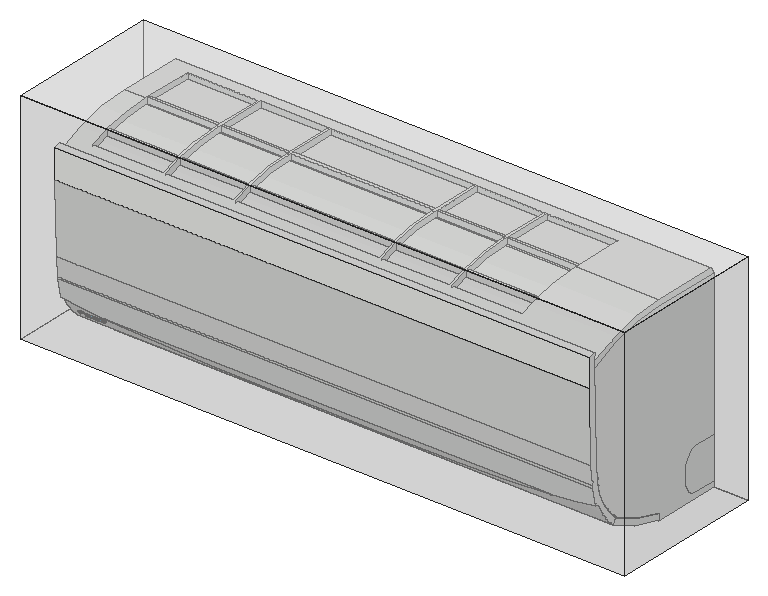
Revit family "outputfile", category 機械設備, Revit 2024
Family settings
  丸型コネクタ寸法 = 半径を使用
  パーツ タイプ = 標準
  OmniClass 番号 = 23.75.10.24.21.27.27
  OmniClass タイトル = Split System Air Conditioning Units
  作業面ベース = いいえ
  常に垂直 = はい
  ロード時にボイドで切り取り = いいえ
  注釈の向きを維持 = いいえ
  共有 = いいえ
  部屋計算ポイント = いいえ
Parameters (values of type "CTKM35RVMA")
  Description = ""
  書き出し IFC クラス(タイプ) = "IfcUnitaryEquipmentType"
  定義済み IFC タイプ(タイプ) = "AIRCONDITIONINGUNIT"
  Cost = 0
  Type Comments = ""
  Keynote = ""
  Type Image = (empty or 0)
  Assembly Code = ""
  w_wall hole = if(Width = 770.0 mm, 48.0 mm, 60.0 mm)  # 48.0 mm
  製造元 = "Daikin"
  モデル = "CTKM35RVMA"
  switch_frequency = yes
  r_Liquid Pipe Size = Liquid Pipe Size / 2  # 3.2 mm
  r_Gas Pipe Size = Gas Pipe Size / 2  # 4.75 mm
  r_Drain Pipe Size = Drain Pipe Size / 2  # 8.0 mm
  lw_powersupply [instance] = if(Width = 770.0 mm, if(or(Rear Right Connection_refrigerant, Bottom Right Connection_refrigerant), 25.0 mm, if(or(Rear Left Connection_refrigerant, Bottom Left Connection_refrigerant), 745.0 mm, 400.0 mm)), if(Width = 990.0 mm, if(or(Rear Right Connection_refrigerant, Bottom Right Connection_refrigerant), 40.0 mm, if(or(Rear Left Connection_refrigerant, Bottom Left Connection_refrigerant), 920.0 mm, 400.0 mm)), if(or(Rear Right Connection_refrigerant, Bottom Right Connection_refrigerant), 40.0 mm, if(or(Rear Left Connection_refrigerant, Bottom Left Connection_refrigerant), 920.0 mm, 400.0 mm))))  # 400.0 mm
  lw_liquidpipe [instance] = if(Width = 770.0 mm, if(or(Rear Right Connection_refrigerant, Bottom Right Connection_refrigerant), 0.0 mm, if(or(Rear Left Connection_refrigerant, Bottom Left Connection_refrigerant), 664.0 mm, 385.0 mm)), if(Width = 990.0 mm, if(or(Rear Right Connection_refrigerant, Bottom Right Connection_refrigerant), 0.0 mm, if(or(Rear Left Connection_refrigerant, Bottom Left Connection_refrigerant), 664.0 mm + (990.0 mm - 770.0 mm), 475.0 mm)), if(or(Rear Right Connection_refrigerant, Bottom Right Connection_refrigerant), 0.0 mm, if(or(Rear Left Connection_refrigerant, Bottom Left Connection_refrigerant), 664.0 mm + (990.0 mm - 770.0 mm), 475.0 mm))))  # 385.0 mm
  lw_gaspipe [instance] = if(Width = 770.0 mm, if(or(Rear Right Connection_refrigerant, Bottom Right Connection_refrigerant), 0.0 mm, if(or(Rear Left Connection_refrigerant, Bottom Left Connection_refrigerant), 675.0 mm, if(Gas Pipe Size = 12.7 mm, 345.0 mm, 335.0 mm))), if(Width = 990.0 mm, if(or(Rear Right Connection_refrigerant, Bottom Right Connection_refrigerant), 10.0 mm, if(or(Rear Left Connection_refrigerant, Bottom Left Connection_refrigerant), 890.0 mm, if(Gas Pipe Size = 15.9 mm, 410.0 mm, 400.0 mm))), if(or(Rear Right Connection_refrigerant, Bottom Right Connection_refrigerant), 10.0 mm, if(or(Rear Left Connection_refrigerant, Bottom Left Connection_refrigerant), 890.0 mm, if(Gas Pipe Size = 15.9 mm, 410.0 mm, 400.0 mm)))))  # 335.0 mm
  lw_drainpipe [instance] = if(Width = 770.0 mm, if(or(Rear Right Connection_refrigerant, Bottom Right Connection_refrigerant), 0.0 mm, if(or(Rear Left Connection_refrigerant, Bottom Left Connection_refrigerant), 770.0 mm - 48.0 mm - 48.0 mm, 440.0 mm)), if(Width = 990.0 mm, if(or(Rear Right Connection_refrigerant, Bottom Right Connection_refrigerant), 0.0 mm, if(or(Rear Left Connection_refrigerant, Bottom Left Connection_refrigerant), 675.0 mm + (990.0 mm - 770.0 mm), 435.0 mm)), if(or(Rear Right Connection_refrigerant, Bottom Right Connection_refrigerant), 0.0 mm, if(or(Rear Left Connection_refrigerant, Bottom Left Connection_refrigerant), 675.0 mm + (990.0 mm - 770.0 mm), 435.0 mm))))  # 440.0 mm
  l_powersupply_length [instance] = if(Width = 770.0 mm, if(Right Connection_refrigerant, 400.0 mm, if(Left Connection_refrigerant, 770.0 mm - 400.0 mm, if(or(Rear Left Connection_refrigerant, Rear Right Connection_refrigerant), 15.0 mm, 50.0 mm))), if(Width = 990.0 mm, if(Right Connection_refrigerant, 400.0 mm, if(Left Connection_refrigerant, 990.0 mm - 400.0 mm, if(or(Rear Left Connection_refrigerant, Rear Right Connection_refrigerant), 15.0 mm, 50.0 mm))), if(Right Connection_refrigerant, 400.0 mm, if(Left Connection_refrigerant, 990.0 mm - 400.0 mm, if(or(Rear Left Connection_refrigerant, Rear Right Connection_refrigerant), 15.0 mm, 50.0 mm)))))  # 400.0 mm
  l_liquidpipe_length [instance] = if(Width = 770.0 mm, if(Right Connection_refrigerant, 433.0 mm, if(Left Connection_refrigerant, 337.0 mm, if(or(Rear Left Connection_refrigerant, Rear Right Connection_refrigerant), 30.0 mm, 40.0 mm))), if(Width = 990.0 mm, if(Right Connection_refrigerant, 535.0 mm, if(Left Connection_refrigerant, 455.0 mm, if(or(Rear Left Connection_refrigerant, Rear Right Connection_refrigerant), 30.0 mm, 40.0 mm))), if(Right Connection_refrigerant, 535.0 mm, if(Left Connection_refrigerant, 455.0 mm, if(or(Rear Left Connection_refrigerant, Rear Right Connection_refrigerant), 30.0 mm, 40.0 mm)))))  # 433.0 mm
  l_gaspipe_length [instance] = if(Width = 770.0 mm, if(Right Connection_refrigerant, if(Gas Pipe Size = 12.7 mm, 393.0 mm, 383.0 mm), if(Left Connection_refrigerant, if(Gas Pipe Size = 12.7 mm, 770.0 mm - 393.0 mm, 770.0 mm - 383.0 mm), if(or(Rear Left Connection_refrigerant, Rear Right Connection_refrigerant), 40.0 mm, 50.0 mm))), if(Width = 990.0 mm, if(Right Connection_refrigerant, if(Gas Pipe Size = 15.9 mm, 470.0 mm, 460.0 mm), if(Left Connection_refrigerant, if(Gas Pipe Size = 15.9 mm, 990.0 mm - 470.0 mm, 990.0 mm - 460.0 mm), if(or(Rear Left Connection_refrigerant, Rear Right Connection_refrigerant), 40.0 mm, 50.0 mm))), if(Right Connection_refrigerant, if(Gas Pipe Size = 15.9 mm, 470.0 mm, 460.0 mm), if(Left Connection_refrigerant, if(Gas Pipe Size = 15.9 mm, 990.0 mm - 470.0 mm, 990.0 mm - 460.0 mm), if(or(Rear Left Connection_refrigerant, Rear Right Connection_refrigerant), 40.0 mm, 50.0 mm)))))  # 383.0 mm
  l_drainpipe_length [instance] = if(Width = 770.0 mm, if(Right Connection_refrigerant, 488.0 mm, if(Left Connection_refrigerant, 282.0 mm, if(or(Rear Left Connection_refrigerant, Rear Right Connection_refrigerant), 15.0 mm, 20.0 mm))), if(Width = 990.0 mm, if(Right Connection_refrigerant, 495.0 mm, if(Left Connection_refrigerant, 495.0 mm, if(or(Rear Left Connection_refrigerant, Rear Right Connection_refrigerant), 15.0 mm, 20.0 mm))), if(Right Connection_refrigerant, 495.0 mm, if(Left Connection_refrigerant, 495.0 mm, if(or(Rear Left Connection_refrigerant, Rear Right Connection_refrigerant), 15.0 mm, 20.0 mm)))))  # 488.0 mm
  h*** = 0.0 mm  # constant formula
  connector_voltage = Voltage_50Hz  # 230 V
  connector_powerinput = [Power Input (Cooling)]  # 0.000 kW
  connector_phase = Phase_50Hz  # 1
  angle_vertical [instance] = if(or(Bottom Left Connection_refrigerant, Bottom Right Connection_refrigerant), 0.00°, 90.00°)  # 90.00°
  angle_horizontal [instance] = if(Right Connection_refrigerant, 90.00°, if(Left Connection_refrigerant, -90.00°, if(or(Rear Left Connection_refrigerant, Rear Right Connection_refrigerant), 180.00°, 0.00°)))  # 90.00°
  Width = 770.0 mm
  Voltage_comment_50Hz = "220 - 240"
  Voltage_50Hz = 230 V
  Version = "ver.1.0"
  Unit Type = "Wall Mounted"
  Unit Mass Weight = 8.00 kg
  Unit Designation [instance] = ""
  Uniclass2015Version = "Products v1.30"
  Uniclass2015Title = "Split coil room air conditioning units"
  Uniclass2015Code = "Pr_70_65_03_86"
  URL = ""
  Total Cooling Capacity [instance] = 0.000 kW
  Sound Pressure Level_M speed (dBA) = 34
  Sound Pressure Level_L speed (dBA) = 26
  Sound Pressure Level_H speed (dBA) = 42
  Sound Power Level_H speed (dB) = 0
  Series = "Multi Split_Fan Coil Unit"
  Sensible Cooling Capacity [instance] = 0.000 kW
  Refrigerant Type = "R32"
  Power Input (Cooling) = 0.000 kW
  Phase_50Hz = 1
  Option Accessory 3 [instance] = ""
  Option Accessory 2 [instance] = ""
  Option Accessory 1 [instance] = ""
  Nominal Cooling Capacity = 3.500 kW
  Minimum Circuit Amps_50Hz = 0.0 A
  Minimum Airflow = 336.00 m³/h
  Median Airflow = 516.00 m³/h
  Maximum Fuse Amps_50Hz = 0.0 A
  Maximum Airflow = 702.00 m³/h
  Material_Casing = DAIKIN_White_Casing_indoorunit
  Load Classification = HVAC
  Liquid Pipe Size = 6.4 mm
  Link_Nested Family [instance] = ""
  IfcVersion = ""
  IfcExportType = "AIRCONDITIONINGUNIT"
  IfcExportAs = "IfcUnitaryEquipmentType"
  Height = 285.0 mm
  Heat Exchanger Type = "Cross Fin Coil"
  Gas Pipe Size = 9.5 mm
  Frequency_50Hz = 50 Hz
  Fan Type = "Cross Flow Fan"
  Fan Drive = "Direct Drive"
  FCU Tag No. [instance] = ""
  Drain Pipe Size = 16.0 mm
  Design Supply Airflow [instance] = 0.00 m³/h
  Depth = 223.0 mm
  既定の高さ = 0.0 mm
  Cooling Entering Wet Bulb Temperature [instance] = 0.00 °C
  Cooling Entering Dry Bulb Temperature [instance] = 0.00 °C
  Cooling Ambient Wet Bulb Temperature [instance] = 0.00 °C
  Cooling Ambient Dry Bulb Temperature [instance] = 0.00 °C
  Clearance visibility [instance] = yes
  Clearance Top = 30.0 mm
  Clearance Right = 50.0 mm
  Clearance Rear = 0.0 mm
  Clearance Left = 50.0 mm
  Clearance Front = 0.0 mm
  Clearance Bottom = 0.0 mm
  Bottom Right Connection_refrigerant [instance] = no
  Bottom Left Connection_refrigerant [instance] = no
  Rear Right Connection_refrigerant [instance] = no
  Rear Left Connection_refrigerant [instance] = no
  Right Connection_refrigerant [instance] = yes
  Left Connection_refrigerant [instance] = no
Reference planes
  plane 1 "Back": y = 0
  plane 2: z = 0
  plane 3 "Center (Left/Right)": x = 0
  plane 4 "Center (Front/Back)": y = -111.5
  plane 5 "Front": y = -223
  plane 6 "Left": x = -385
  plane 7 "Right": x = 385
  plane 8 "Top": z = 0
  plane 9 "Bottom": z = -285
  plane 10: x = -435
  plane 11: x = 435
  plane 12: y = 0
  plane 13: y = -223
  plane 14: z = 30
  plane 15: z = -285
  plane 16 "lw_Piping and Wiring intake": x = 337
  plane 17 "lw_gaspipe": x = 2
  plane 18 "lw_liquidpipe": x = -48
  plane 19 "lw_drainpipe": x = -103
  plane 20 "lh_drainpipe": z = -265
  plane 21 "lh_liquidpipe": z = -245
  plane 22 "lh_gaspipe": z = -235
  plane 23 "ld_drainpipe": y = -15
  plane 24 "ld_liquidpipe": y = -30
  plane 25 "ld_gaspipe": y = -40
  plane 26 "lw_powersupply": x = -15
Dimensions and locks
  equal spacing: plane 6 "Left", plane 3 "Center (Left/Right)", plane 7 "Right"
  "Width": plane 6 "Left" to plane 7 "Right"
  equal spacing: plane 5 "Front", plane 4 "Center (Front/Back)", plane 1 "Back"
  "Depth": plane 5 "Front" to plane 1 "Back"
  "Height": plane 8 "Top" to plane 9 "Bottom"
  "Clearance Rear": plane 12 to plane 1 "Back"
  "Clearance Front": plane 13 to plane 5 "Front"
  "Clearance Top": plane 14 to plane 8 "Top"
  "Clearance Bottom": plane 9 "Bottom" to plane 15
  "w_wall hole": plane 16 "lw_Piping and Wiring intake" to plane 7 "Right"
  "lw_gaspipe": plane 17 "lw_gaspipe" to plane 16 "lw_Piping and Wiring intake"
  "lw_liquidpipe": plane 18 "lw_liquidpipe" to plane 16 "lw_Piping and Wiring intake"
  "lw_drainpipe": plane 19 "lw_drainpipe" to plane 16 "lw_Piping and Wiring intake"
  locked: plane 20 "lh_drainpipe" to plane 9 "Bottom" at 20
  locked: plane 21 "lh_liquidpipe" to plane 9 "Bottom" at 40
  locked: plane 22 "lh_gaspipe" to plane 9 "Bottom" at 50
  locked: plane 23 "ld_drainpipe" to plane 1 "Back" at 15
  locked: plane 1 "Back" to plane 24 "ld_liquidpipe" at 30
  locked: plane 1 "Back" to plane 25 "ld_gaspipe" at 40
  "lw_powersupply": plane 26 "lw_powersupply" to plane 7 "Right"
  "Clearance Right": plane 7 "Right" to plane 11
  "Clearance Left": plane 10 to plane 6 "Left"
  aligned and locked: level to plane 2
  aligned and locked: plane 12 to nested 1
  aligned and locked: nested 1 to plane 13
  aligned and locked: plane 10 to nested 1
  aligned and locked: plane 11 to nested 1
  aligned and locked: plane 15 to nested 1
  aligned and locked: plane 14 to nested 1
  aligned and locked: plane 17 "lw_gaspipe" to nested 2
  aligned and locked: nested 2 to plane 25 "ld_gaspipe"
  aligned and locked: plane 18 "lw_liquidpipe" to nested 3
  aligned and locked: nested 3 to plane 24 "ld_liquidpipe"
  aligned and locked: plane 19 "lw_drainpipe" to nested 4
  aligned and locked: nested 4 to plane 23 "ld_drainpipe"
  aligned and locked: nested 5 to plane 23 "ld_drainpipe"
  aligned and locked: plane 26 "lw_powersupply" to nested 5
  aligned and locked: level to plane 8 "Top"
  aligned and locked: plane 3 "Center (Left/Right)" to nested 6
  aligned and locked: plane 1 "Back" to nested 6
  aligned and locked: plane 8 "Top" to nested 6
Nested families
  nested 1: "daikin_clearancespace" at (0, -111.5, -127.381), show <- "Clearance visibility", visible <- "Clearance visibility", Link_Nested Family <- "Link_Nested Family", type "daikin_clearancespace"
    with width 870.0 mm, show yes, height 315.0 mm, depth 223.0 mm, Link_Nested Family ""
  nested 2: "daikin_connector_rotate3" at (2, -40, -235), angle_vertical <- "angle_vertical", angle_horizontal <- "angle_horizontal", length <- "l_gaspipe_length", radius <- "r_Gas Pipe Size", type "daikin_connector_rotate3"
    with show no, radius 4.75 mm, length 383.0 mm, angle_vertical 90.00°, angle_horizontal 90.00°
  nested 3: "daikin_connector_rotate3" at (-48, -30, -245), angle_vertical <- "angle_vertical", angle_horizontal <- "angle_horizontal", radius <- "r_Liquid Pipe Size", length <- "l_liquidpipe_length", type "daikin_connector_rotate3"
    with show no, radius 3.2 mm, length 433.0 mm, angle_vertical 90.00°, angle_horizontal 90.00°
  nested 4: "daikin_connector_rotate3" at (-103, -15, -265), angle_vertical <- "angle_vertical", angle_horizontal <- "angle_horizontal", length <- "l_drainpipe_length", radius <- "r_Drain Pipe Size", type "daikin_connector_rotate3"
    with show no, radius 8.0 mm, length 488.0 mm, angle_vertical 90.00°, angle_horizontal 90.00°
  nested 5: "daikin_connector_rotate3" at (-15, -15, -235), angle_vertical <- "angle_vertical", angle_horizontal <- "angle_horizontal", length <- "l_powersupply_length", type "daikin_connector_rotate3"
    with show no, radius 10.0 mm, length 400.0 mm, angle_vertical 90.00°, angle_horizontal 90.00°
  nested 6: "DAIKIN_indoorunit_CTKM-RVMA" at (-31, 0, 0), type "CTKM-RVMA"
Connectors
  piping at (385, -40, -235), diameter 9.5, driven by "r_Gas Pipe Size"
    settings: on nested 2, index 1, connector inside diameter 609.6 mm, connector length 0.0 mm, flow factor 0, pipe flow 0.00 m³/h, pressure drop 0.0 Pa, fitting loss kfactor 0, connector angle 0.00°, fixture units 0, engagement length 0.0 mm, angle of deflection 0.00°, flow configuration 1, flow direction 2, fitting loss method 0, system type 29, joint type 0, gender type 0, connector reference index -1, connector utility 0, adjustable connector no, is connector primary yes, connector description "Refrigerant Gas Piping"
  piping at (385, -30, -245), diameter 6.4, driven by "r_Liquid Pipe Size"
    settings: on nested 3, index 2, connector inside diameter 609.6 mm, connector length 0.0 mm, flow factor 0, pipe flow 0.00 m³/h, pressure drop 0.0 Pa, fitting loss kfactor 0, connector angle 0.00°, fixture units 0, engagement length 0.0 mm, angle of deflection 0.00°, flow configuration 1, flow direction 1, fitting loss method 0, system type 29, joint type 0, gender type 0, connector reference index -1, connector utility 0, adjustable connector no, is connector primary no, connector description "Refrigerant Liquid Piping"
  piping at (385, -15, -265), diameter 16, driven by "r_Drain Pipe Size"
    settings: on nested 4, index 3, connector inside diameter 609.6 mm, connector length 0.0 mm, flow factor 0, pipe flow 0.00 m³/h, pressure drop 0.0 Pa, fitting loss kfactor 0, connector angle 0.00°, fixture units 0, engagement length 0.0 mm, angle of deflection 0.00°, flow configuration 1, flow direction 2, fitting loss method 4, system type 16, joint type 0, gender type 0, connector reference index -1, connector utility 0, adjustable connector no, is connector primary no, connector description "Condensate Drain Piping"
  electrical at (385, -15, -235), driven by "Load Classification", driven by "connector_phase", driven by "connector_powerinput", driven by "connector_voltage"
    settings: on nested 5, index 4, voltage 230 V, apparent load 0 VA, apparent load phase1 0 VA, apparent load phase2 0 VA, apparent load phase3 0 VA, power factor 1, load classification "HVAC", number of poles 1, system type 30, power factor state 1, is connector primary yes, connector utility no, sub classification motor no, connector description "Power Supply"
Definition of nested family "daikin_clearancespace"
  Parameters (values of type "daikin_clearancespace")
    Description = "daikin_clearancespace"
    width [instance] = 1823.963 mm
    show [instance] = yes
    material = none
    height [instance] = 1359.762 mm
    depth [instance] = 880.0 mm
    Default Elevation = 0.0 mm
    Link_Nested Family [instance] = ""
  Reference planes
    plane 1 "Center (Front/Back)": y = 0
    plane 2 "Center (Elevation)": z = -0.119
    plane 3 "Center (Left/Right)": x = 0
    plane 4: y = 440
    plane 5: y = -440
    plane 6 "Right": x = 911.982
    plane 7 "Left": x = -911.982
    plane 8 "Top": z = 679.762
    plane 9 "Bottom": z = -680
  Forms (mm)
    Extrusion 1, solid, material <- "material", visible <- "show"
      sketch origin (0, 0, 0) x (1, 0, 0) y (0, 1, 0)
        loop
          line (-911.982, 440) -> (-911.982, -440) -> (911.982, -440) -> (911.982, 440) -> (-911.982, 440)
      from -680 to 679.762
  Lines and regions (mm)
    symbolic lines, visible <- "show"
      curve 1: line (911.982, 440, 0) -> (-911.982, 440, 0)
      curve 2: line (-911.982, 440, 0) -> (-911.982, -440, 0)
      curve 3: line (-911.982, -440, 0) -> (911.982, -440, 0)
      curve 4: line (911.982, -440, 0) -> (911.982, 440, 0)
      curve 5: line (911.982, 0, 679.762) -> (-911.982, 0, 679.762)
      curve 6: line (911.982, 0, -680) -> (911.982, 0, 679.762)
      curve 7: line (-911.982, 0, -680) -> (911.982, 0, -680)
      curve 8: line (-911.982, 0, 679.762) -> (-911.982, 0, -680)
      curve 9: line (0, 440, 679.762) -> (0, -440, 679.762)
      curve 10: line (0, -440, 679.762) -> (0, -440, -680)
      curve 11: line (0, 440, -680) -> (0, 440, 679.762)
      curve 12: line (0, -440, -680) -> (0, 440, -680)
  Dimensions and locks
    "width": plane 7 "Left" to plane 6 "Right"
    "depth": plane 4 to plane 5
    "height": plane 8 "Top" to plane 9 "Bottom"
    equal spacing: plane 7 "Left", plane 3 "Center (Left/Right)", plane 6 "Right"
    equal spacing: plane 4, plane 1 "Center (Front/Back)", plane 5
    equal spacing: plane 8 "Top", plane 2 "Center (Elevation)", plane 9 "Bottom"
    aligned and locked: level to plane 2 "Center (Elevation)"
    aligned and locked: Extrusion 1 sketch curve to plane 4
    aligned and locked: plane 7 "Left" to Extrusion 1 sketch curve
    aligned and locked: Extrusion 1 sketch curve to plane 5
    aligned and locked: Extrusion 1 sketch curve to plane 6 "Right"
    aligned and locked: plane 8 "Top" to Extrusion 1
    aligned and locked: curve 1 to Extrusion 1
    aligned and locked: curve 2 to Extrusion 1
    aligned and locked: curve 3 to Extrusion 1
    aligned and locked: curve 4 to Extrusion 1
    aligned and locked: curve 5 to Extrusion 1
    aligned and locked: curve 6 to Extrusion 1
    aligned and locked: curve 7 to Extrusion 1
    aligned and locked: curve 8 to Extrusion 1
    aligned and locked: curve 9 to Extrusion 1
    aligned and locked: curve 10 to Extrusion 1
    aligned and locked: curve 11 to Extrusion 1
    aligned and locked: curve 12 to Extrusion 1
    aligned and locked: Extrusion 1 to plane 9 "Bottom"
Definition of nested family "DAIKIN_indoorunit_CTKM-RVMA"
  Parameters (values of type "FTKM-QVMA")
    switch_unit1_50-71 = Width = 990.0 mm  # no
    switch_unit1_20-46 = Width = 770.0 mm  # yes
    Width = 770.0 mm
    WALL HOLE-R = if(Width = 770.0 mm, 48.0 mm, 60.0 mm)  # 48.0 mm
    WALL HOLE Size = if(Width = 770.0 mm, 65.0 mm, 80.0 mm)  # 65.0 mm
    Material_Casing = none
    Height = if(Width = 770.0 mm, 285.0 mm, 295.0 mm)  # 285.0 mm
    Default Elevation = 0.0 mm
  Reference planes
    plane 1 "Center (Front/Back)": y = 0
    plane 2 "reference_level": z = 0
    plane 3 "Center (Left/Right)": x = 31
    plane 4: x = -354
    plane 5: x = 416
    plane 6: z = -285
  Forms (mm)
    Extrusion 1, solid, material <- "Material_Casing", visible <- "switch_unit1_20-46"
      sketch origin (29, 0, 0) x (0, 1, 0) y (0, 0, 1)
        loop
          line (-5, 0) -> (-98, 0)
          arc (-98, 0) -> (-157.611, -7.211) -> (-213.783, -28.427) r 250
          arc (-213.783, -28.427) -> (-213.842, -32.972) -> (-213.892, -37.516) r 2191
          arc (-213.892, -37.516) -> (-157.832, -15.495) -> (-98.07, -8) r 242
          line (-98.07, -8) -> (0, -8) -> (-5, 0)
      from -383 to 387
    Extrusion 2, solid, material <- "Material_Casing", visible <- "switch_unit1_20-46"
      sketch origin (416, 1296.25, 1200) x (0, 1, 0) y (0, 0, 1)
        loop
          line (-1472.998, -1446.91) -> (-1476.998, -1453.839)
          arc (-1476.998, -1453.839) -> (-1437.481, -1472.422) -> (-1395.25, -1483.538) r 240
          line (-1395.25, -1483.538) -> (-1395.25, -1475.422)
          arc (-1395.25, -1475.422) -> (-1435.407, -1464.663) -> (-1472.998, -1446.91) r 232
      from 0 to -47.5
    Extrusion 3, solid, material <- "Material_Casing", visible <- "switch_unit1_20-46"
      sketch origin (29, 0, 0) x (0, 1, 0) y (0, 0, 1)
        loop
          arc (-223, -60.455) -> (-222.414, -110.646) -> (-220.656, -160.81) r 2149.92
          arc (-220.656, -160.81) -> (-219.65, -174.299) -> (-217.853, -187.706) r 229.911
          arc (-217.853, -187.706) -> (-205.371, -223.594) -> (-181.517, -253.17) r 111
          line (-181.517, -253.17) -> (-177.429, -246.093)
          arc (-177.429, -246.093) -> (-198.77, -218.989) -> (-209.965, -186.36) r 103
          arc (-209.965, -186.36) -> (-211.681, -173.586) -> (-212.651, -160.735) r 221.844
          arc (-212.651, -160.735) -> (-214.739, -93.233) -> (-214.74, -25.699) r 2186.828
          arc (-214.74, -25.699) -> (-214.671, -21.467) -> (-214.594, -17.235) r 2192
          line (-214.594, -17.235) -> (-223, -19.961) -> (-223, -60.455)
      from -383 to 387
    Extrusion 4, solid, material <- "Material_Casing", visible <- "switch_unit1_20-46"
      sketch origin (29, 0, 0) x (0, 1, 0) y (0, 0, 1)
        loop
          line (-181.517, -253.17) -> (-179.597, -249.846)
          arc (-179.597, -249.846) -> (-202.009, -221.399) -> (-213.189, -186.952) r 103
          line (-213.189, -186.952) -> (-217.853, -187.706)
          arc (-217.853, -187.706) -> (-217.533, -189.556) -> (-217.182, -191.4) r 111
          arc (-217.182, -191.4) -> (-213.806, -208.181) -> (-210.362, -224.948) r 4257.809
          arc (-210.362, -224.948) -> (-198.886, -237.857) -> (-186.225, -249.607) r 180
          line (-186.225, -249.607) -> (-181.517, -253.17)
      from -383 to 387
    Extrusion 5, solid, material <- "Material_Casing", visible <- "switch_unit1_20-46"
      sketch origin (29, 0, -20) x (0, 1, 0) y (0, 0, 1)
        loop
          line (0, -265) -> (0, 12) -> (-98.07, 12)
          arc (-98.07, 12) -> (-157.832, 4.505) -> (-213.892, -17.516) r 242
          arc (-213.892, -17.516) -> (-213.638, -79.114) -> (-211.653, -140.681) r 2191
          arc (-211.653, -140.681) -> (-210.685, -153.501) -> (-208.973, -166.243) r 221
          arc (-208.973, -166.243) -> (-197.471, -199.282) -> (-175.482, -226.491) r 102
          arc (-175.482, -226.491) -> (-138.004, -244.019) -> (-98, -254.579) r 231
          line (-98, -254.579) -> (-98, -265) -> (0, -265)
      from -383 to 387
    Extrusion 6, solid, material <- "Material_Casing", visible <- "switch_unit1_20-46"
      sketch origin (-354, 1296.25, 1200) x (0, 1, 0) y (0, 0, 1)
        loop
          line (-1472.998, -1446.91) -> (-1476.998, -1453.839)
          arc (-1476.998, -1453.839) -> (-1437.481, -1472.422) -> (-1395.25, -1483.538) r 240
          line (-1395.25, -1483.538) -> (-1395.25, -1475.422)
          arc (-1395.25, -1475.422) -> (-1435.407, -1464.663) -> (-1472.998, -1446.91) r 232
      from 47 to 0
    Extrusion 7, solid, material <- "Material_Casing", visible <- "switch_unit1_20-46"
      sketch origin (416, 1296.25, 1200) x (0, 1, 0) y (0, 0, 1)
        loop
          line (-1472.998, -1446.91) -> (-1476.998, -1453.839)
          arc (-1476.998, -1453.839) -> (-1443.437, -1470.168) -> (-1407.75, -1481.097) r 240
          line (-1407.75, -1481.097) -> (-1407.75, -1472.894)
          arc (-1407.75, -1472.894) -> (-1441.363, -1462.385) -> (-1472.998, -1446.91) r 232
      from -116.993 to -48.493
    Extrusion 8, solid, material <- "Material_Casing", visible <- "switch_unit1_20-46"
      sketch origin (416, 1296.25, 1200) x (0, 1, 0) y (0, 0, 1)
        loop
          line (-1472.998, -1446.91) -> (-1476.998, -1453.839)
          arc (-1476.998, -1453.839) -> (-1443.437, -1470.168) -> (-1407.75, -1481.097) r 240
          line (-1407.75, -1481.097) -> (-1407.75, -1472.894)
          arc (-1407.75, -1472.894) -> (-1441.363, -1462.385) -> (-1472.998, -1446.91) r 232
      from -717 to -121.993
    Extrusion 9, void
      sketch origin (31, 0, -235) x (1, 0, 0) y (0, 1, 0)
        loop
          line (-252.674, -22.316) -> (-354.941, -22.316) -> (-354.941, -91.341) -> (-252.674, -91.341) -> (-252.674, -22.316)
        loop
          line (-249.341, -91.341) -> (-151.574, -91.341) -> (-151.574, -22.316) -> (-249.341, -22.316) -> (-249.341, -91.341)
        loop
          line (58.309, -22.316) -> (-148.309, -22.316) -> (-148.309, -91.341) -> (58.309, -91.341) -> (58.309, -22.316)
        loop
          line (61.689, -22.316) -> (61.689, -91.341) -> (159.457, -91.341) -> (159.457, -22.316) -> (61.689, -22.316)
        loop
          line (162.789, -22.316) -> (162.789, -91.341) -> (265.057, -91.341) -> (265.057, -22.316) -> (162.789, -22.316)
        loop
          line (-354.941, -94.659) -> (-354.941, -165.259) -> (-252.674, -165.259) -> (-252.674, -94.659) -> (-354.941, -94.659)
        loop
          line (-249.341, -94.659) -> (-249.341, -165.259) -> (-151.574, -165.259) -> (-151.574, -94.659) -> (-249.341, -94.659)
        loop
          line (-148.309, -94.659) -> (-148.309, -165.259) -> (58.309, -165.259) -> (58.309, -94.659) -> (-148.309, -94.659)
        loop
          line (61.689, -94.659) -> (61.689, -165.259) -> (159.457, -165.259) -> (159.457, -94.659) -> (61.689, -94.659)
        loop
          line (162.789, -94.659) -> (162.789, -165.259) -> (265.057, -165.259) -> (265.057, -94.659) -> (162.789, -94.659)
        loop
          line (-354.941, -167.382) -> (-354.941, -192.681) -> (-252.674, -192.681) -> (-252.674, -167.382) -> (-354.941, -167.382)
        loop
          line (-249.341, -167.382) -> (-249.341, -192.681) -> (-151.574, -192.681) -> (-151.574, -167.382) -> (-249.341, -167.382)
        loop
          line (-148.309, -167.382) -> (-148.309, -192.681) -> (58.309, -192.681) -> (58.309, -167.382) -> (-148.309, -167.382)
        loop
          line (159.457, -167.382) -> (61.689, -167.382) -> (61.689, -192.681) -> (159.457, -192.681) -> (159.457, -167.382)
        loop
          line (265.057, -167.382) -> (162.789, -167.382) -> (162.789, -192.681) -> (265.057, -192.681) -> (265.057, -167.382)
      from 201.638 to 250
    Extrusion 10, void
      sketch origin (31, 0, 0) x (1, 0, 0) y (0, 0, 1)
        loop
          arc (597, -174.907) -> (0.056, -245.263) -> (-597, -175.856) r 2585.042
          line (-597, -175.856) -> (-597, -352.872) -> (597, -352.872) -> (597, -174.907)
      from 173 to 315.3
    Extrusion 11, solid, material <- "Material_Casing"
      sketch origin (31, 0, 0) x (1, 0, 0) y (0, 0, 1)
        loop
          circle (337, -240.5) r 32.5
        loop
          circle (-337, -240.5) r 32.5
      from 0 to 5
    Extrusion 12, solid, material <- "Material_Casing", visible <- "switch_unit1_20-46"
      sketch origin (416, 1296.25, 1200) x (0, -1, 0) y (0, 0, 1)
        loop
          line (1326.25, -1417) -> (1296.25, -1417) -> (1296.25, -1477) -> (1326.25, -1477)
          arc (1326.25, -1477) -> (1340.393, -1471.142) -> (1346.25, -1457) r 20
          line (1346.25, -1457) -> (1346.25, -1437)
          arc (1346.25, -1437) -> (1340.393, -1422.858) -> (1326.25, -1417) r 20
      from 0 to 5
    Extrusion 13, solid, material <- "Material_Casing", visible <- "switch_unit1_20-46"
      sketch origin (-354, 1296.25, 1200) x (0, 1, 0) y (0, 0, 1)
        loop
          line (-1296.25, -1417) -> (-1326.25, -1417)
          arc (-1326.25, -1417) -> (-1340.393, -1422.858) -> (-1346.25, -1437) r 20
          line (-1346.25, -1437) -> (-1346.25, -1457)
          arc (-1346.25, -1457) -> (-1340.393, -1471.142) -> (-1326.25, -1477) r 20
          line (-1326.25, -1477) -> (-1296.25, -1477) -> (-1296.25, -1417)
      from 0 to 5
    Extrusion 14, solid, material <- "Material_Casing", visible <- "switch_unit1_20-46"
      sketch origin (31, 0, -285) x (-1, 0, 0) y (0, -1, 0)
        loop
          line (-314, 0) -> (-314, 30)
          arc (-314, 30) -> (-319.858, 44.142) -> (-334, 50) r 20
          line (-334, 50) -> (-354, 50)
          arc (-354, 50) -> (-368.142, 44.142) -> (-374, 30) r 20
          line (-374, 30) -> (-374, 0) -> (-314, 0)
        loop
          line (374, 0) -> (374, 30)
          arc (374, 30) -> (368.142, 44.142) -> (354, 50) r 20
          line (354, 50) -> (334, 50)
          arc (334, 50) -> (319.858, 44.142) -> (314, 30) r 20
          line (314, 30) -> (314, 0) -> (374, 0)
      from 0 to 5
    Extrusion 15, solid, material <- "Material_Casing", visible <- "switch_unit1_50-71"
      sketch origin (31, 0, 0) x (0, 1, 0) y (0, 0, 1)
        loop
          line (-5, 0) -> (-138, 0)
          arc (-138, 0) -> (-197.611, -7.211) -> (-253.783, -28.427) r 250
          arc (-253.783, -28.427) -> (-253.838, -32.687) -> (-253.886, -36.946) r 2191
          arc (-253.886, -36.946) -> (-197.73, -15.346) -> (-138.014, -8) r 246.393
          line (-138.014, -8) -> (0, -8) -> (-5, 0)
      from -495 to 495
    Extrusion 16, solid, material <- "Material_Casing", visible <- "switch_unit1_50-71"
      sketch origin (418, 1296.25, 1200) x (0, 1, 0) y (0, 0, 1)
        loop
          arc (-1515.208, -1454.149) -> (-1506.856, -1460.599) -> (-1497.925, -1466.219) r 110
          arc (-1497.925, -1466.219) -> (-1445.718, -1487.493) -> (-1389.844, -1494.995) r 223
          line (-1389.844, -1494.995) -> (-1389.844, -1486.086) -> (-1404.386, -1486.086)
          arc (-1404.386, -1486.086) -> (-1449.542, -1477.46) -> (-1491.818, -1459.402) r 214.289
          arc (-1491.818, -1459.402) -> (-1501.056, -1453.541) -> (-1509.606, -1446.715) r 101
          line (-1509.606, -1446.715) -> (-1515.208, -1454.149)
      from 108 to 57.5
    Extrusion 17, solid, material <- "Material_Casing", visible <- "switch_unit1_50-71"
      sketch origin (31, 0, 0) x (0, 1, 0) y (0, 0, 1)
        loop
          line (-263, -19.962) -> (-263, -61.6)
          arc (-263, -61.6) -> (-262.414, -110.219) -> (-260.656, -158.81) r 2017.341
          arc (-260.656, -158.81) -> (-255.648, -191.935) -> (-244.041, -223.362) r 164.725
          arc (-244.041, -223.362) -> (-233.569, -239.793) -> (-219.717, -253.495) r 87.379
          line (-219.717, -253.495) -> (-214.706, -246.846)
          arc (-214.706, -246.846) -> (-229.564, -230.029) -> (-240.385, -210.371) r 102
          arc (-240.385, -210.371) -> (-249.049, -182.962) -> (-252.848, -154.467) r 165.789
          arc (-252.848, -154.467) -> (-254.771, -90.102) -> (-254.74, -25.708) r 2122.533
          arc (-254.74, -25.708) -> (-254.671, -21.469) -> (-254.594, -17.23) r 2192
          line (-254.594, -17.23) -> (-263, -19.962)
      from -495 to 495
    Extrusion 18, void
      sketch origin (33, 0, 0) x (1, 0, 0) y (0, 1, 0)
        loop
          line (-466.909, -22.316) -> (-466.909, -111.341) -> (-366.303, -111.341) -> (-366.303, -22.316) -> (-466.909, -22.316)
        loop
          line (-362.71, -22.316) -> (-362.71, -111.341) -> (-262.103, -111.341) -> (-262.103, -22.316) -> (-362.71, -22.316)
        loop
          line (-258.51, -22.316) -> (-258.51, -111.341) -> (-157.904, -111.341) -> (-157.904, -22.316) -> (-258.51, -22.316)
        loop
          line (-154.31, -22.316) -> (-154.31, -111.341) -> (-53.704, -111.341) -> (-53.704, -22.316) -> (-154.31, -22.316)
        loop
          line (-50.11, -22.316) -> (-50.11, -111.341) -> (50.496, -111.341) -> (50.496, -22.316) -> (-50.11, -22.316)
        loop
          line (54.089, -22.316) -> (54.089, -111.341) -> (154.696, -111.341) -> (154.696, -22.316) -> (54.089, -22.316)
        loop
          line (158.289, -22.316) -> (158.289, -111.341) -> (258.895, -111.341) -> (258.895, -22.316) -> (158.289, -22.316)
        loop
          line (262.489, -22.316) -> (262.489, -111.341) -> (363.095, -111.341) -> (363.095, -22.316) -> (262.489, -22.316)
        loop
          line (-466.909, -114.459) -> (-466.909, -185.059) -> (-366.303, -185.059) -> (-366.303, -114.459) -> (-466.909, -114.459)
        loop
          line (-362.71, -114.459) -> (-362.71, -185.059) -> (-262.103, -185.059) -> (-262.103, -114.459) -> (-362.71, -114.459)
        loop
          line (-258.51, -114.459) -> (-258.51, -185.059) -> (-157.904, -185.059) -> (-157.904, -114.459) -> (-258.51, -114.459)
        loop
          line (-154.31, -114.459) -> (-154.31, -185.059) -> (-53.704, -185.059) -> (-53.704, -114.459) -> (-154.31, -114.459)
        loop
          line (-50.11, -114.459) -> (-50.11, -185.059) -> (50.496, -185.059) -> (50.496, -114.459) -> (-50.11, -114.459)
        loop
          line (54.089, -114.459) -> (54.089, -185.059) -> (154.696, -185.059) -> (154.696, -114.459) -> (54.089, -114.459)
        loop
          line (158.289, -114.459) -> (158.289, -185.059) -> (258.895, -185.059) -> (258.895, -114.459) -> (158.289, -114.459)
        loop
          line (262.489, -114.459) -> (262.489, -185.059) -> (363.095, -185.059) -> (363.095, -114.459) -> (262.489, -114.459)
        loop
          line (-466.909, -187.382) -> (-466.909, -232.681) -> (-366.303, -232.681) -> (-366.303, -187.382) -> (-466.909, -187.382)
        loop
          line (-362.71, -187.382) -> (-362.71, -232.681) -> (-262.103, -232.681) -> (-262.103, -187.382) -> (-362.71, -187.382)
        loop
          line (-258.51, -187.382) -> (-258.51, -232.681) -> (-157.904, -232.681) -> (-157.904, -187.382) -> (-258.51, -187.382)
        loop
          line (-154.31, -187.382) -> (-154.31, -232.681) -> (-53.704, -232.681) -> (-53.704, -187.382) -> (-154.31, -187.382)
        loop
          line (-50.11, -187.382) -> (-50.11, -232.681) -> (50.496, -232.681) -> (50.496, -187.382) -> (-50.11, -187.382)
        loop
          line (54.089, -187.382) -> (54.089, -232.681) -> (154.696, -232.681) -> (154.696, -187.382) -> (54.089, -187.382)
        loop
          line (158.289, -187.382) -> (158.289, -232.681) -> (258.895, -232.681) -> (258.895, -187.382) -> (158.289, -187.382)
        loop
          line (262.489, -187.382) -> (262.489, -232.681) -> (363.095, -232.681) -> (363.095, -187.382) -> (262.489, -187.382)
      from -40.013 to 47.268
    Extrusion 19, void
      sketch origin (33, 0, 2300) x (1, 0, 0) y (0, 0, 1)
        loop
          line (705, -2672.872) -> (705, -2462.4)
          arc (705, -2462.4) -> (-2.043, -2534.819) -> (-709, -2461.567) r 3467.757
          line (-709, -2461.567) -> (-709, -2672.872) -> (705, -2672.872)
      from 173 to 315.3
    Extrusion 20, solid, material <- "Material_Casing", visible <- "switch_unit1_50-71"
      sketch origin (-356, 1296.25, 1200) x (0, 1, 0) y (0, 0, -1)
        loop
          line (-1515.208, 1454.149) -> (-1509.606, 1446.715)
          arc (-1509.606, 1446.715) -> (-1501.056, 1453.541) -> (-1491.818, 1459.402) r 101
          arc (-1491.818, 1459.402) -> (-1449.542, 1477.46) -> (-1404.386, 1486.086) r 214.289
          line (-1404.386, 1486.086) -> (-1389.844, 1486.086) -> (-1389.844, 1494.995)
          arc (-1389.844, 1494.995) -> (-1445.718, 1487.493) -> (-1497.925, 1466.219) r 223
          arc (-1497.925, 1466.219) -> (-1506.856, 1460.599) -> (-1515.208, 1454.149) r 110
      from 108 to 61
    Extrusion 21, solid, material <- "Material_Casing", visible <- "switch_unit1_50-71"
      sketch origin (418, 1296.25, 1200) x (0, 1, 0) y (0, 0, 1)
        loop
          arc (-1515.208, -1454.149) -> (-1506.856, -1460.599) -> (-1497.925, -1466.219) r 110
          arc (-1497.925, -1466.219) -> (-1463.185, -1482.066) -> (-1426.25, -1491.755) r 223
          line (-1426.25, -1491.755) -> (-1426.25, -1483.166)
          arc (-1426.25, -1483.166) -> (-1460.008, -1473.969) -> (-1491.818, -1459.402) r 214.289
          arc (-1491.818, -1459.402) -> (-1501.056, -1453.541) -> (-1509.606, -1446.715) r 101
          line (-1509.606, -1446.715) -> (-1515.208, -1454.149)
      from 56.5 to -36.993
    Extrusion 22, solid, material <- "Material_Casing", visible <- "switch_unit1_50-71"
      sketch origin (418, 1296.25, 1200) x (0, 1, 0) y (0, 0, 1)
        loop
          arc (-1426.25, -1483.166) -> (-1443.442, -1479.224) -> (-1460.25, -1473.881) r 214.289
          line (-1460.25, -1473.881) -> (-1460.25, -1483.089)
          arc (-1460.25, -1483.089) -> (-1443.421, -1488.091) -> (-1426.25, -1491.755) r 223
          line (-1426.25, -1491.755) -> (-1426.25, -1483.166)
      from -43.493 to -828.893
    Extrusion 23, solid, material <- "Material_Casing", visible <- "switch_unit1_50-71"
      sketch origin (418, 1296.25, 1200) x (0, 1, 0) y (0, 0, 1)
        loop
          arc (-1515.208, -1454.149) -> (-1506.856, -1460.599) -> (-1497.925, -1466.219) r 110
          arc (-1497.925, -1466.219) -> (-1479.479, -1475.527) -> (-1460.25, -1483.089) r 223
          line (-1460.25, -1483.089) -> (-1460.25, -1473.881)
          arc (-1460.25, -1473.881) -> (-1476.328, -1467.282) -> (-1491.818, -1459.402) r 214.289
          arc (-1491.818, -1459.402) -> (-1501.056, -1453.541) -> (-1509.606, -1446.715) r 101
          line (-1509.606, -1446.715) -> (-1515.208, -1454.149)
      from -43.493 to -828.893
    Extrusion 24, solid, material <- "Material_Casing", visible <- "switch_unit1_50-71"
      sketch origin (31, 0, 0) x (0, 1, 0) y (0, 0, 1)
        loop
          arc (-217.78, -250.924) -> (-234.088, -233.307) -> (-245.826, -212.366) r 102
          arc (-245.826, -212.366) -> (-251.608, -196.062) -> (-255.659, -179.245) r 165.789
          line (-255.659, -179.245) -> (-258.299, -179.737)
          arc (-258.299, -179.737) -> (-257.524, -183.799) -> (-256.646, -187.84) r 164.725
          arc (-256.646, -187.84) -> (-252.868, -206.25) -> (-249.973, -224.82) r 393.089
          arc (-249.973, -224.82) -> (-239.237, -236.969) -> (-227.451, -248.102) r 180
          arc (-227.451, -248.102) -> (-223.723, -250.998) -> (-219.717, -253.495) r 45.878
          line (-219.717, -253.495) -> (-217.78, -250.924)
      from -495 to 495
    Extrusion 25, solid, material <- "Material_Casing", visible <- "switch_unit1_50-71"
      sketch origin (31, 0, -30) x (0, 1, 0) y (0, 0, 1)
        loop
          line (0, 22) -> (-138.014, 22)
          arc (-138.014, 22) -> (-197.73, 14.654) -> (-253.886, -6.946) r 246.393
          arc (-253.886, -6.946) -> (-253.682, -65.635) -> (-251.855, -124.295) r 2120.935
          arc (-251.855, -124.295) -> (-248.086, -152.682) -> (-239.461, -179.988) r 164.789
          arc (-239.461, -179.988) -> (-228.903, -199.231) -> (-214.437, -215.738) r 101
          line (-214.437, -215.738) -> (-212.406, -216.221)
          arc (-212.406, -216.221) -> (-204.07, -222.837) -> (-195.079, -228.53) r 100
          arc (-195.079, -228.53) -> (-145.557, -248.629) -> (-92.593, -255.785) r 213.289
          line (-92.593, -255.785) -> (-92.593, -265) -> (0, -265) -> (0, 22)
      from -495 to 495
    Extrusion 26, solid, material <- "Material_Casing", visible <- "switch_unit1_50-71"
      sketch origin (526, 1296.25, 1200) x (0, -1, 0) y (0, 0, 1)
        loop
          line (1326.25, -1427.035) -> (1296.25, -1427.035) -> (1296.25, -1487.035) -> (1326.25, -1487.035)
          arc (1326.25, -1487.035) -> (1340.393, -1481.177) -> (1346.25, -1467.035) r 20
          line (1346.25, -1467.035) -> (1346.25, -1447.035)
          arc (1346.25, -1447.035) -> (1340.393, -1432.892) -> (1326.25, -1427.035) r 20
      from 0 to 5
    Extrusion 27, solid, material <- "Material_Casing", visible <- "switch_unit1_50-71"
      sketch origin (-459, 1296.25, 1200) x (0, -1, 0) y (0, 0, 1)
        loop
          line (1326.25, -1427.035) -> (1296.25, -1427.035) -> (1296.25, -1487.035) -> (1326.25, -1487.035)
          arc (1326.25, -1487.035) -> (1340.393, -1481.177) -> (1346.25, -1467.035) r 20
          line (1346.25, -1467.035) -> (1346.25, -1447.035)
          arc (1346.25, -1447.035) -> (1340.393, -1432.892) -> (1326.25, -1427.035) r 20
      from 0 to 5
    Extrusion 28, solid, material <- "Material_Casing", visible <- "switch_unit1_50-71"
      sketch origin (31, 200, -295) x (-1, 0, 0) y (0, -1, 0)
        loop
          line (469, 200) -> (469, 230)
          arc (469, 230) -> (463.142, 244.142) -> (449, 250) r 20
          line (449, 250) -> (429, 250)
          arc (429, 250) -> (414.858, 244.142) -> (409, 230) r 20
          line (409, 230) -> (409, 200) -> (469, 200)
        loop
          line (-469, 200) -> (-409, 200) -> (-409, 230)
          arc (-409, 230) -> (-414.858, 244.142) -> (-429, 250) r 20
          line (-429, 250) -> (-449, 250)
          arc (-449, 250) -> (-463.142, 244.142) -> (-469, 230) r 20
          line (-469, 230) -> (-469, 200)
      from 0 to 5
  Cuts and joins
    Extrusion 9 cuts Extrusion 1
    Extrusion 10 cuts Extrusion 4
    joined: Extrusion 3, Extrusion 4
    Extrusion 18 cuts Extrusion 15
    Extrusion 19 cuts Extrusion 24
    joined: Extrusion 17, Extrusion 24
  Lines and regions (mm)
    reference lines
      curve 1: line (-523, -201.911, -229.404) -> (-523, -193.542, -239.977)
      curve 2: line (-523, -240.779, -229.404) -> (-523, -232.411, -239.977)
  Dimensions and locks
    locked: Extrusion 10 sketch curve to Extrusion 10 sketch curve at 1194
    Extrusion 10 sketch curve to Extrusion 10 sketch curve = 1194.0 mm
    locked: Extrusion 12 sketch curve to Extrusion 12 sketch curve at 60
    locked: Extrusion 12 sketch curve to Extrusion 12 sketch curve at 50
    locked: Extrusion 14 sketch curve to Extrusion 14 sketch curve at 60  (x2)
    locked: Extrusion 14 sketch curve to Extrusion 14 sketch curve at 50
    equal spacing: plane 5, plane 3 "Center (Left/Right)", plane 4
    "Width": plane 5 to plane 4
    locked: Extrusion 11 sketch curve to plane 4 at 48
    "WALL HOLE-R": plane 5 to Extrusion 11 sketch curve
    "Height": plane 2 "reference_level" to plane 6
    locked: Extrusion 11 sketch curve to plane 6 at 44.5  (x2)
    locked: cut or joined group of Extrusion 3, Extrusion 4, Extrusion 10 to nested 1 at 15
    locked: Extrusion 17 to nested 2 at 15
    locked: Extrusion 26 sketch curve to Extrusion 26 sketch curve at 60
    locked: Extrusion 26 sketch curve to Extrusion 26 sketch curve at 50
    locked: Extrusion 27 sketch curve to Extrusion 27 sketch curve at 60
    locked: Extrusion 27 sketch curve to Extrusion 27 sketch curve at 50
    locked: Extrusion 28 sketch curve to Extrusion 28 sketch curve at 60  (x2)
    locked: Extrusion 28 sketch curve to Extrusion 28 sketch curve at 50  (x2)
    "WALL HOLE Size": diameter of Extrusion 11 sketch curve  (x2)
    aligned and locked: level to plane 2 "reference_level"
    aligned and locked: nested 1 to curve 1
    aligned and locked: Extrusion 13 sketch curve to Extrusion 12  (x4)
    aligned and locked: Extrusion 14 sketch curve to Extrusion 14 sketch curve  (x2)
    aligned and locked: Extrusion 11 to plane 1 "Center (Front/Back)"
    aligned and locked: nested 2 to curve 2
  Automatic sketch dimensions
    Extrusion 10 sketch curve to plane 3 "Center (Left/Right)" = 597.0 mm
    Extrusion 10 sketch curve to plane 3 "Center (Left/Right)" = 2.0 mm
    Extrusion 10 sketch curve to level = 352.872 mm
    Extrusion 10 sketch curve to level = 175.856 mm
    Extrusion 10 sketch curve to level = 174.907 mm
    curve 1 to level = 239.977 mm
    plane 1 "Center (Front/Back)" to curve 1 = 193.542 mm
    curve 2 to curve 1 = 0.0 mm
    curve 2 to curve 2 = 10.573 mm
    curve 1 to curve 1 = 10.573 mm
    curve 1 to curve 1 = 8.368 mm
    curve 1 to curve 2 = 30.5 mm
    curve 2 to curve 2 = 8.368 mm
    Extrusion 19 sketch curve to plane 3 "Center (Left/Right)" = 707.0 mm
    plane 3 "Center (Left/Right)" to Extrusion 19 sketch curve = 2.0 mm
    plane 3 "Center (Left/Right)" to Extrusion 19 sketch curve = 707.0 mm
    Extrusion 19 sketch curve to level = 372.872 mm
    Extrusion 19 sketch curve to level = 162.4 mm
    Extrusion 19 sketch curve to level = 161.567 mm
    Extrusion 1 sketch curve to level = 0.0 mm
    Extrusion 1 sketch curve to plane 1 "Center (Front/Back)" = 0.0 mm
    plane 1 "Center (Front/Back)" to Extrusion 1 sketch curve = 5.0 mm
    plane 1 "Center (Front/Back)" to Extrusion 1 sketch curve = 98.0 mm
    Extrusion 1 sketch curve to Extrusion 1 sketch curve = 0.07 mm
    Extrusion 1 sketch curve to level = 59.292 mm
    Extrusion 1 sketch curve to plane 1 "Center (Front/Back)" = 1977.0 mm
    Extrusion 1 sketch curve to level = 250.0 mm
    Extrusion 1 sketch curve to Extrusion 1 sketch curve = 0.0 mm
    Extrusion 1 sketch curve to level = 8.0 mm
    Extrusion 1 sketch curve to level = 28.427 mm
    plane 1 "Center (Front/Back)" to Extrusion 2 sketch curve = 180.748 mm
    Extrusion 2 sketch curve to Extrusion 2 sketch curve = 4.0 mm
    Extrusion 2 sketch curve to Extrusion 2 sketch curve = 77.747 mm
    plane 1 "Center (Front/Back)" to Extrusion 2 sketch curve = 59.279 mm
    Extrusion 2 sketch curve to Extrusion 2 sketch curve = 0.0 mm
    Extrusion 2 sketch curve to level = 283.538 mm
    Extrusion 2 sketch curve to Extrusion 2 sketch curve = 8.116 mm
    Extrusion 2 sketch curve to Extrusion 2 sketch curve = 21.583 mm
    Extrusion 2 sketch curve to Extrusion 2 sketch curve = 6.929 mm
    Extrusion 3 sketch curve to level = 19.961 mm
    plane 1 "Center (Front/Back)" to Extrusion 3 sketch curve = 223.0 mm
    Extrusion 3 sketch curve to level = 17.235 mm
    Extrusion 3 sketch curve to Extrusion 3 sketch curve = 8.406 mm
    plane 1 "Center (Front/Back)" to Extrusion 3 sketch curve = 181.517 mm
    Extrusion 3 sketch curve to Extrusion 3 sketch curve = 4.087 mm
    Extrusion 3 sketch curve to Extrusion 3 sketch curve = 69.11 mm
    Extrusion 3 sketch curve to Extrusion 3 sketch curve = 0.001 mm
    Extrusion 3 sketch curve to plane 1 "Center (Front/Back)" = 8.955 mm
    Extrusion 3 sketch curve to Extrusion 3 sketch curve = 0.067 mm
    Extrusion 3 sketch curve to level = 60.455 mm
    Extrusion 3 sketch curve to Extrusion 3 sketch curve = 1917.898 mm
    Extrusion 3 sketch curve to Extrusion 3 sketch curve = 44.907 mm
    Extrusion 3 sketch curve to Extrusion 3 sketch curve = 5.172 mm
    Extrusion 3 sketch curve to level = 150.456 mm
    Extrusion 3 sketch curve to Extrusion 3 sketch curve = 0.006 mm
    Extrusion 3 sketch curve to Extrusion 3 sketch curve = 19.265 mm
    Extrusion 3 sketch curve to Extrusion 3 sketch curve = 0.004 mm
    Extrusion 3 sketch curve to Extrusion 3 sketch curve = 76.368 mm
    Extrusion 3 sketch curve to Extrusion 3 sketch curve = 7.077 mm
    Extrusion 3 sketch curve to Extrusion 3 sketch curve = 1.002 mm
    Extrusion 3 sketch curve to Extrusion 3 sketch curve = 0.046 mm
    Extrusion 3 sketch curve to Extrusion 3 sketch curve = 8.005 mm
    Extrusion 3 sketch curve to Extrusion 3 sketch curve = 0.147 mm
    Extrusion 3 sketch curve to Extrusion 3 sketch curve = 0.0 mm
    plane 1 "Center (Front/Back)" to Extrusion 4 sketch curve = 217.853 mm
    Extrusion 4 sketch curve to Extrusion 4 sketch curve = 4.664 mm
    Extrusion 4 sketch curve to Extrusion 4 sketch curve = 26.964 mm
    Extrusion 4 sketch curve to Extrusion 4 sketch curve = 4.708 mm
    Extrusion 4 sketch curve to Extrusion 4 sketch curve = 1.92 mm
    Extrusion 4 sketch curve to Extrusion 4 sketch curve = 68.441 mm
    Extrusion 4 sketch curve to Extrusion 4 sketch curve = 2.837 mm
    Extrusion 4 sketch curve to Extrusion 4 sketch curve = 38.066 mm
    level to Extrusion 4 sketch curve = 640.031 mm
    Extrusion 4 sketch curve to plane 1 "Center (Front/Back)" = 3958.661 mm
    Extrusion 4 sketch curve to level = 111.946 mm
    Extrusion 4 sketch curve to Extrusion 4 sketch curve = 57.779 mm
    Extrusion 4 sketch curve to Extrusion 4 sketch curve = 3.149 mm
    Extrusion 4 sketch curve to Extrusion 4 sketch curve = 14.078 mm
    Extrusion 4 sketch curve to Extrusion 4 sketch curve = 0.754 mm
    Extrusion 4 sketch curve to Extrusion 4 sketch curve = 0.239 mm
    Extrusion 4 sketch curve to Extrusion 4 sketch curve = 3.324 mm
    Extrusion 4 sketch curve to Extrusion 4 sketch curve = 0.0 mm
    Extrusion 5 sketch curve to plane 1 "Center (Front/Back)" = 0.0 mm
    plane 1 "Center (Front/Back)" to Extrusion 5 sketch curve = 59.278 mm
    Extrusion 5 sketch curve to Extrusion 5 sketch curve = 98.0 mm
    Extrusion 5 sketch curve to Extrusion 5 sketch curve = 0.0 mm  (x3)
    Extrusion 5 sketch curve to level = 8.0 mm
    Extrusion 5 sketch curve to Extrusion 5 sketch curve = 38.791 mm
    Extrusion 5 sketch curve to Extrusion 5 sketch curve = 10.249 mm
    Extrusion 5 sketch curve to plane 1 "Center (Front/Back)" = 9.11 mm
    Extrusion 5 sketch curve to level = 59.292 mm
    Extrusion 5 sketch curve to Extrusion 5 sketch curve = 1967.89 mm
    Extrusion 5 sketch curve to Extrusion 5 sketch curve = 142.454 mm
    Extrusion 5 sketch curve to Extrusion 5 sketch curve = 19.271 mm
    Extrusion 5 sketch curve to Extrusion 5 sketch curve = 80.275 mm
    Extrusion 5 sketch curve to Extrusion 5 sketch curve = 24.579 mm
    Extrusion 5 sketch curve to Extrusion 5 sketch curve = 10.421 mm
    Extrusion 5 sketch curve to level = 46.847 mm
    Extrusion 5 sketch curve to Extrusion 5 sketch curve = 77.412 mm
    Extrusion 5 sketch curve to Extrusion 5 sketch curve = 33.49 mm
    Extrusion 5 sketch curve to Extrusion 5 sketch curve = 2.68 mm
    plane 1 "Center (Front/Back)" to Extrusion 6 sketch curve = 180.748 mm
    Extrusion 6 sketch curve to Extrusion 6 sketch curve = 4.0 mm
    Extrusion 6 sketch curve to Extrusion 6 sketch curve = 77.747 mm
    plane 1 "Center (Front/Back)" to Extrusion 6 sketch curve = 59.279 mm
    Extrusion 6 sketch curve to Extrusion 6 sketch curve = 0.0 mm
    Extrusion 6 sketch curve to level = 283.538 mm
    Extrusion 6 sketch curve to Extrusion 6 sketch curve = 8.116 mm
    Extrusion 6 sketch curve to Extrusion 6 sketch curve = 21.583 mm
    Extrusion 6 sketch curve to Extrusion 6 sketch curve = 6.929 mm
    plane 1 "Center (Front/Back)" to Extrusion 7 sketch curve = 180.748 mm
    Extrusion 7 sketch curve to Extrusion 7 sketch curve = 4.0 mm
    Extrusion 7 sketch curve to Extrusion 7 sketch curve = 65.247 mm
    plane 1 "Center (Front/Back)" to Extrusion 7 sketch curve = 59.279 mm
    Extrusion 7 sketch curve to Extrusion 7 sketch curve = 0.0 mm
    Extrusion 7 sketch curve to level = 281.097 mm
    Extrusion 7 sketch curve to Extrusion 7 sketch curve = 8.203 mm
    Extrusion 7 sketch curve to Extrusion 7 sketch curve = 19.055 mm
    Extrusion 7 sketch curve to Extrusion 7 sketch curve = 6.929 mm
    plane 1 "Center (Front/Back)" to Extrusion 8 sketch curve = 180.748 mm
    Extrusion 8 sketch curve to Extrusion 8 sketch curve = 4.0 mm
    Extrusion 8 sketch curve to Extrusion 8 sketch curve = 65.247 mm
    plane 1 "Center (Front/Back)" to Extrusion 8 sketch curve = 59.279 mm
    Extrusion 8 sketch curve to Extrusion 8 sketch curve = 0.0 mm
    Extrusion 8 sketch curve to level = 281.097 mm
    Extrusion 8 sketch curve to Extrusion 8 sketch curve = 8.203 mm
    Extrusion 8 sketch curve to Extrusion 8 sketch curve = 19.055 mm
    Extrusion 8 sketch curve to Extrusion 8 sketch curve = 6.929 mm
    plane 1 "Center (Front/Back)" to Extrusion 9 sketch curve = 165.259 mm  (x2)
    Extrusion 9 sketch curve to plane 3 "Center (Left/Right)" = 354.941 mm
    plane 1 "Center (Front/Back)" to Extrusion 9 sketch curve = 22.316 mm  (x3)
    Extrusion 9 sketch curve to Extrusion 9 sketch curve = 0.0 mm  (x26)
    Extrusion 9 sketch curve to Extrusion 9 sketch curve = 102.268 mm  (x2)
    Extrusion 9 sketch curve to Extrusion 9 sketch curve = 3.332 mm  (x4)
    Extrusion 9 sketch curve to Extrusion 9 sketch curve = 97.768 mm  (x2)
    Extrusion 9 sketch curve to Extrusion 9 sketch curve = 3.264 mm  (x3)
    plane 3 "Center (Left/Right)" to Extrusion 9 sketch curve = 58.309 mm
    Extrusion 9 sketch curve to Extrusion 9 sketch curve = 3.38 mm  (x3)
    Extrusion 9 sketch curve to Extrusion 9 sketch curve = 2.124 mm  (x6)
    Extrusion 9 sketch curve to Extrusion 9 sketch curve = 25.299 mm  (x2)
    Extrusion 9 sketch curve to Extrusion 9 sketch curve = 70.6 mm
    Extrusion 9 sketch curve to Extrusion 9 sketch curve = 3.317 mm  (x4)
    Extrusion 12 sketch curve to plane 1 "Center (Front/Back)" = 0.0 mm
    Extrusion 12 sketch curve to Extrusion 12 sketch curve = 20.0 mm  (x2)
    Extrusion 12 sketch curve to level = 277.0 mm
    plane 1 "Center (Front/Back)" to Extrusion 14 sketch curve = 0.0 mm
    plane 3 "Center (Left/Right)" to Extrusion 14 sketch curve = 374.0 mm
    Extrusion 14 sketch curve to Extrusion 14 sketch curve = 20.0 mm  (x3)
    plane 1 "Center (Front/Back)" to Extrusion 14 sketch curve = 30.0 mm
    Extrusion 14 sketch curve to plane 3 "Center (Left/Right)" = 314.0 mm
    Extrusion 15 sketch curve to level = 0.0 mm
    Extrusion 15 sketch curve to plane 1 "Center (Front/Back)" = 0.0 mm
    plane 1 "Center (Front/Back)" to Extrusion 15 sketch curve = 5.0 mm
    Extrusion 15 sketch curve to Extrusion 15 sketch curve = 133.0 mm
    Extrusion 15 sketch curve to Extrusion 15 sketch curve = 0.013 mm
    Extrusion 15 sketch curve to level = 59.292 mm
    Extrusion 15 sketch curve to plane 1 "Center (Front/Back)" = 1937.0 mm
    Extrusion 15 sketch curve to Extrusion 15 sketch curve = 250.0 mm
    Extrusion 15 sketch curve to Extrusion 15 sketch curve = 4.393 mm
    Extrusion 15 sketch curve to level = 8.0 mm
    Extrusion 15 sketch curve to level = 28.427 mm
    plane 1 "Center (Front/Back)" to Extrusion 16 sketch curve = 218.957 mm
    Extrusion 16 sketch curve to Extrusion 16 sketch curve = 5.601 mm
    Extrusion 16 sketch curve to Extrusion 16 sketch curve = 65.735 mm
    Extrusion 16 sketch curve to Extrusion 16 sketch curve = 1.462 mm
    plane 1 "Center (Front/Back)" to Extrusion 16 sketch curve = 108.136 mm
    Extrusion 16 sketch curve to Extrusion 16 sketch curve = 14.543 mm
    plane 1 "Center (Front/Back)" to Extrusion 16 sketch curve = 92.093 mm
    Extrusion 16 sketch curve to Extrusion 16 sketch curve = 1.354 mm
    Extrusion 16 sketch curve to level = 294.995 mm
    Extrusion 16 sketch curve to Extrusion 16 sketch curve = 8.909 mm
    Extrusion 16 sketch curve to Extrusion 16 sketch curve = 31.937 mm
    Extrusion 16 sketch curve to Extrusion 16 sketch curve = 7.433 mm
    Extrusion 16 sketch curve to Extrusion 16 sketch curve = 75.403 mm
    Extrusion 16 sketch curve to Extrusion 16 sketch curve = 0.896 mm
    Extrusion 16 sketch curve to level = 72.504 mm
    Extrusion 16 sketch curve to Extrusion 16 sketch curve = 0.504 mm
    Extrusion 17 sketch curve to level = 19.962 mm
    plane 1 "Center (Front/Back)" to Extrusion 17 sketch curve = 263.0 mm
    Extrusion 17 sketch curve to level = 17.23 mm
    Extrusion 17 sketch curve to Extrusion 17 sketch curve = 8.406 mm
    Extrusion 17 sketch curve to Extrusion 17 sketch curve = 43.283 mm
    Extrusion 17 sketch curve to Extrusion 17 sketch curve = 5.011 mm
    Extrusion 17 sketch curve to Extrusion 17 sketch curve = 49.129 mm
    Extrusion 17 sketch curve to Extrusion 17 sketch curve = 19.417 mm
    Extrusion 17 sketch curve to Extrusion 17 sketch curve = 50.037 mm
    Extrusion 17 sketch curve to Extrusion 17 sketch curve = 8.89 mm
    Extrusion 17 sketch curve to level = 61.6 mm
    Extrusion 17 sketch curve to plane 1 "Center (Front/Back)" = 1754.341 mm
    Extrusion 17 sketch curve to level = 58.909 mm
    Extrusion 17 sketch curve to Extrusion 17 sketch curve = 113.192 mm
    Extrusion 17 sketch curve to Extrusion 17 sketch curve = 69.467 mm
    Extrusion 17 sketch curve to level = 146.886 mm
    Extrusion 17 sketch curve to Extrusion 17 sketch curve = 3.987 mm
    Extrusion 17 sketch curve to Extrusion 17 sketch curve = 20.44 mm
    Extrusion 17 sketch curve to Extrusion 17 sketch curve = 13.597 mm
    Extrusion 17 sketch curve to Extrusion 17 sketch curve = 61.936 mm
    Extrusion 17 sketch curve to Extrusion 17 sketch curve = 6.649 mm
    Extrusion 17 sketch curve to level = 59.438 mm
    Extrusion 17 sketch curve to Extrusion 17 sketch curve = 0.0 mm
    Extrusion 17 sketch curve to Extrusion 17 sketch curve = 0.147 mm
    Extrusion 17 sketch curve to Extrusion 17 sketch curve = 7.808 mm
    plane 1 "Center (Front/Back)" to Extrusion 18 sketch curve = 22.316 mm  (x6)
    Extrusion 18 sketch curve to plane 3 "Center (Left/Right)" = 464.909 mm
    Extrusion 18 sketch curve to Extrusion 18 sketch curve = 0.0 mm  (x27)
    Extrusion 18 sketch curve to Extrusion 18 sketch curve = 100.606 mm  (x7)
    Extrusion 18 sketch curve to Extrusion 18 sketch curve = 3.594 mm  (x16)
    Extrusion 18 sketch curve to plane 3 "Center (Left/Right)" = 51.704 mm
    plane 3 "Center (Left/Right)" to Extrusion 18 sketch curve = 52.496 mm  (x2)
    Extrusion 18 sketch curve to Extrusion 18 sketch curve = 89.026 mm  (x6)
    Extrusion 18 sketch curve to Extrusion 18 sketch curve = 3.117 mm  (x8)
    Extrusion 18 sketch curve to Extrusion 18 sketch curve = 70.6 mm  (x7)
    Extrusion 18 sketch curve to Extrusion 18 sketch curve = 2.324 mm  (x8)
    Extrusion 18 sketch curve to Extrusion 18 sketch curve = 45.299 mm  (x7)
    plane 1 "Center (Front/Back)" to Extrusion 20 sketch curve = 218.957 mm
    Extrusion 20 sketch curve to Extrusion 20 sketch curve = 5.601 mm
    Extrusion 20 sketch curve to Extrusion 20 sketch curve = 65.735 mm
    Extrusion 20 sketch curve to Extrusion 20 sketch curve = 1.462 mm
    plane 1 "Center (Front/Back)" to Extrusion 20 sketch curve = 108.136 mm
    Extrusion 20 sketch curve to Extrusion 20 sketch curve = 14.543 mm
    plane 1 "Center (Front/Back)" to Extrusion 20 sketch curve = 92.093 mm
    Extrusion 20 sketch curve to Extrusion 20 sketch curve = 1.354 mm
    Extrusion 20 sketch curve to level = 72.0 mm
    Extrusion 20 sketch curve to Extrusion 20 sketch curve = 0.504 mm
    Extrusion 20 sketch curve to Extrusion 20 sketch curve = 98.416 mm
